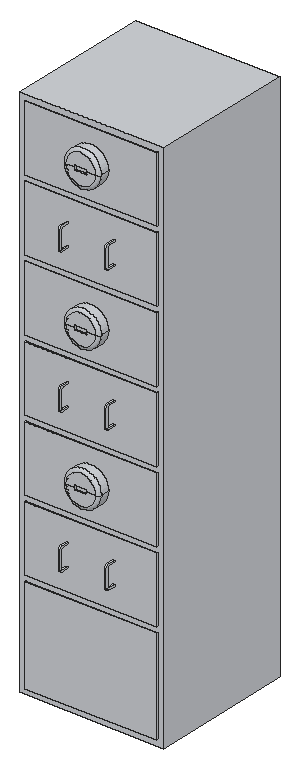
Revit family "M_Quadro elétrico de medição", category Equipamento elétrico, Revit 2019
Family settings
  Cota do conector redondo = Utilizar diâmetro
  Tipo de parte = Quadro elétrico
  Número OmniClass = 23.80.30.11.17
  Título OmniClass = Distribution Boards and Control Panels
  ID de item do Seek = Metering Switchboard-0000-CAN-ENU
  Com base no plano de trabalho = Não
  Sempre na vertical = Sim
  Corte com vazios quando carregada = Não
  Compartilhado = Não
  Ponto de cálculo do ambiente = Não
Parameters (values of type "610mmx667mm")
  Largura do quadro elétrico = 667 mm
  Voltagem do quadro elétrico = 480 V
  Material do quadro elétrico = none
  Comprimento do quadro elétrico = 610 mm
  Altura do quadro elétrico = 2286 mm
  Número de pólos = 3
  Visibilidade da medição = and(Contagem de medição > 1, Comprimento do quadro elétrico > 355.6 mm)  # no
  Material da medição = none
  Contagem de medição = if(not(Comprimento do quadro elétrico > 609.6 mm), 1, (Comprimento do quadro elétrico - 609.6 mm) / 304.8 mm + 1)  # 1
  Classificação MCB = 400.0 A
  Classificação de carga = Potência
  Visibilidade do puxador = Comprimento do quadro elétrico > 355.6 mm  # yes
  Comprimento de meio quadro elétrico = 0.5 * Comprimento do quadro elétrico  # 305 mm
  Meia distância de manipulação = if((Contagem de medição = 1), 98.425 mm, Meia distância + 98.425 mm)  # 98.425 mm
  Meia distância = (Contador - 1) * 127 mm  # 127 mm
  Contador = if(Contagem de medição > 1, Contagem de medição, 2)  # 2
  Visibilidade do medidor de centro = and((Contagem de medição = 1), (Comprimento do quadro elétrico > 355.6 mm))  # yes
Types (9, lengths in mm): name | Largura do quadro elétrico | Comprimento do quadro elétrico | Visibilidade da medição | Contagem de medição | Classificação MCB | Comprimento de meio quadro elétrico | Meia distância de manipulação | Meia distância | Contador | Visibilidade do medidor de centro
  (no name) | 667 | 610 | no | 1 | 400 (stored number, unit not read) | 305 | 98.425 | 127 | 2 | yes
  610mmx667mm | 667 | 610 | no | 1 | 400.0 A | 305 | 98.425 | 127 | 2 | yes
  762mmx667mm | 667 | 762 | yes | 2 | 400.0 A | 381 | 225.425 | 127 | 2 | no
  762mmx972mm | 972 | 762 | yes | 2 | 400.0 A | 381 | 225.425 | 127 | 2 | no
  914mmx667mm | 667 | 914 | yes | 2 | 600.0 A | 457 | 225.425 | 127 | 2 | no
  1067mmx667mm | 667 | 1067 | yes | 3 | 600.0 A | 533.5 | 352.425 | 254 | 3 | no
  1067mmx972mm | 972 | 1067 | yes | 3 | 600.0 A | 533.5 | 352.425 | 254 | 3 | no
  1219mmx667mm | 667 | 1219 | yes | 3 | 800.0 A | 609.5 | 352.425 | 254 | 3 | no
  1219mmx1276mm | 1276 | 1219 | yes | 3 | 800.0 A | 609.5 | 352.425 | 254 | 3 | no
Reference planes
  plane 1 "Centro (Frente/Trás)": y = 0
  plane 2: z = 0
  plane 3 "Centro (Esquerda/Direita)": x = 0
  plane 4: x = -305
  plane 5: x = 305
  plane 6: y = -667
  plane 7: y = -622.55
  plane 8: y = -616.2
  plane 9: z = 2286
  plane 10: z = 2260.6
  plane 11: z = 1981.2
  plane 12: z = 1955.8
  plane 13: z = 1676.4
  plane 14: z = 1651
  plane 15: z = 1371.6
  plane 16: z = 1346.2
  plane 17: z = 1066.8
  plane 18: z = 1041.4
  plane 19: z = 762
  plane 20: z = 736.6
  plane 21: z = 457.2
  plane 22: z = 25.4
  plane 23: z = 431.8
  plane 24: x = -279.6
  plane 25: x = 279.6
  plane 26: x = 98.425
  plane 27: x = -98.425
  plane 28: z = 1816.1
  plane 29: z = 1206.5
  plane 30: z = 596.9
  plane 31: z = 2120.9
  plane 32: z = 1511.3
  plane 33: z = 901.7
  plane 34: x = -127
  plane 35: x = 127
  plane 36: y = -308.1
Forms (mm)
  Extrusion 1, solid, material <- "Material do quadro elétrico"
    sketch origin (0, 0, 0) x (1, 0, 0) y (0, 1, 0)
      loop
        line (-305, 0) -> (-305, -616.2) -> (305, -616.2) -> (305, 0) -> (-305, 0)
    from 0 to 2286
  Extrusion 2, solid, material <- "Material do quadro elétrico"
    sketch origin (0, 0, 0) x (1, 0, 0) y (0, 0, 1)
      loop
        line (-279.6, 2260.6) -> (-279.6, 1981.2) -> (279.6, 1981.2) -> (279.6, 2260.6) -> (-279.6, 2260.6)
      loop
        line (-279.6, 1955.8) -> (-279.6, 1676.4) -> (279.6, 1676.4) -> (279.6, 1955.8) -> (-279.6, 1955.8)
      loop
        line (-279.6, 1651) -> (-279.6, 1371.6) -> (279.6, 1371.6) -> (279.6, 1651) -> (-279.6, 1651)
      loop
        line (-279.6, 1346.2) -> (-279.6, 1066.8) -> (279.6, 1066.8) -> (279.6, 1346.2) -> (-279.6, 1346.2)
      loop
        line (-279.6, 1041.4) -> (-279.6, 762) -> (279.6, 762) -> (279.6, 1041.4) -> (-279.6, 1041.4)
      loop
        line (-279.6, 736.6) -> (-279.6, 457.2) -> (279.6, 457.2) -> (279.6, 736.6) -> (-279.6, 736.6)
      loop
        line (-279.6, 431.8) -> (-279.6, 25.4) -> (279.6, 25.4) -> (279.6, 431.8) -> (-279.6, 431.8)
    from 616.2 to 622.55
Dimensions and locks
  "Comprimento de meio quadro elétrico": plane 4 to plane 3 "Centro (Esquerda/Direita)"
  "Comprimento de meio quadro elétrico": plane 3 "Centro (Esquerda/Direita)" to plane 5
  "Largura do quadro elétrico": plane 1 "Centro (Frente/Trás)" to plane 6
  locked: plane 7 to plane 6 at 44.45
  locked: plane 8 to plane 6 at 50.8
  "Altura do quadro elétrico": plane 9 to plane 2
  locked: plane 9 to plane 10 at 25.4
  locked: plane 10 to plane 11 at 279.4
  locked: plane 11 to plane 12 at 25.4
  locked: plane 12 to plane 13 at 279.4
  locked: plane 13 to plane 14 at 25.4
  locked: plane 14 to plane 15 at 279.4
  locked: plane 15 to plane 16 at 25.4
  locked: plane 16 to plane 17 at 279.4
  locked: plane 17 to plane 18 at 25.4
  locked: plane 18 to plane 19 at 279.4
  locked: plane 19 to plane 20 at 25.4
  locked: plane 20 to plane 21 at 279.4
  locked: plane 21 to plane 23 at 25.4
  locked: plane 22 to plane 2 at 25.4
  locked: plane 24 to plane 4 at 25.4
  locked: plane 25 to plane 5 at 25.4
  "Meia distância de manipulação": plane 3 "Centro (Esquerda/Direita)" to plane 27
  "Meia distância de manipulação": plane 26 to plane 3 "Centro (Esquerda/Direita)"
  equal spacing: plane 12, plane 28, plane 13
  equal spacing: plane 16, plane 29, plane 17
  equal spacing: plane 20, plane 30, plane 21
  equal spacing: plane 10, plane 31, plane 11
  equal spacing: plane 14, plane 32, plane 15
  equal spacing: plane 18, plane 33, plane 19
  "Meia distância": plane 3 "Centro (Esquerda/Direita)" to plane 34
  "Meia distância": plane 3 "Centro (Esquerda/Direita)" to plane 35
  equal spacing: plane 1 "Centro (Frente/Trás)", plane 36, plane 8
  group 1 to group 2 = 254 mm
  group 1 to group 2 = 0 mm  (x2)
  group 3 to group 4 = 254 mm
  group 3 to group 4 = 0 mm  (x2)
  group 5 to group 6 = 254 mm
  group 5 to group 6 = 0 mm  (x2)
  aligned and locked: plane 4 to Extrusion 1 sketch curve
  aligned and locked: plane 1 "Centro (Frente/Trás)" to Extrusion 1 sketch curve
  aligned and locked: plane 8 to Extrusion 1 sketch curve
  aligned and locked: Extrusion 1 sketch curve to plane 5
  aligned and locked: Extrusion 1 to plane 2
  aligned and locked: plane 9 to Extrusion 1
  aligned and locked: plane 24 to Extrusion 2 sketch curve  (x7)
  aligned and locked: Extrusion 2 sketch curve to plane 10
  aligned and locked: plane 11 to Extrusion 2 sketch curve
  aligned and locked: plane 25 to Extrusion 2 sketch curve  (x7)
  aligned and locked: Extrusion 2 sketch curve to plane 12
  aligned and locked: plane 13 to Extrusion 2 sketch curve
  aligned and locked: plane 15 to Extrusion 2 sketch curve
  aligned and locked: Extrusion 2 sketch curve to plane 14
  aligned and locked: Extrusion 2 sketch curve to plane 16
  aligned and locked: plane 17 to Extrusion 2 sketch curve
  aligned and locked: plane 19 to Extrusion 2 sketch curve
  aligned and locked: Extrusion 2 sketch curve to plane 18
  aligned and locked: Extrusion 2 sketch curve to plane 20
  aligned and locked: plane 21 to Extrusion 2 sketch curve
  aligned and locked: Extrusion 2 sketch curve to plane 23
  aligned and locked: plane 22 to Extrusion 2 sketch curve
  aligned and locked: Extrusion 2 to plane 7
  aligned and locked: plane 8 to Extrusion 2
  aligned and locked: plane 28 to nested 1
  aligned and locked: plane 27 to nested 1
  aligned and locked: nested 1 to plane 7
  aligned and locked: plane 28 to nested 2
  aligned and locked: plane 26 to nested 2
  aligned and locked: nested 2 to plane 7
  aligned and locked: plane 29 to nested 5
  aligned and locked: plane 27 to nested 5
  aligned and locked: plane 29 to nested 6
  aligned and locked: plane 26 to nested 6
  aligned and locked: plane 30 to nested 3
  aligned and locked: plane 27 to nested 3
  aligned and locked: plane 30 to nested 4
  aligned and locked: plane 26 to nested 4
  aligned and locked: nested 3 to plane 7
  aligned and locked: nested 4 to plane 7
  aligned and locked: nested 6 to plane 7
  aligned and locked: nested 5 to plane 7
  aligned and locked: plane 31 to nested 7
  aligned and locked: plane 34 to nested 7
  aligned and locked: nested 7 to plane 7
  aligned and locked: nested 8 to plane 7
  aligned and locked: nested 9 to plane 7
  aligned and locked: plane 32 to nested 9
  aligned and locked: plane 34 to nested 9
  aligned and locked: plane 33 to nested 8
  aligned and locked: plane 34 to nested 8
  aligned and locked: nested 12 to plane 7
  aligned and locked: nested 11 to plane 7
  aligned and locked: nested 10 to plane 7
  aligned and locked: plane 3 "Centro (Esquerda/Direita)" to nested 12
  aligned and locked: plane 31 to nested 12
  aligned and locked: plane 32 to nested 11
  aligned and locked: plane 3 "Centro (Esquerda/Direita)" to nested 11
  aligned and locked: plane 33 to nested 10
  aligned and locked: plane 3 "Centro (Esquerda/Direita)" to nested 10
  aligned and locked: plane 3 "Centro (Esquerda/Direita)" to nested 13
  aligned and locked: nested 13 to plane 36
  aligned and locked: nested 14 to plane 7
  aligned and locked: nested 14 to plane 35
  aligned and locked: plane 31 to nested 14
  aligned and locked: nested 15 to plane 35
  aligned and locked: plane 32 to nested 15
  aligned and locked: nested 15 to plane 7
  aligned and locked: nested 16 to plane 35
  aligned and locked: plane 33 to nested 16
  aligned and locked: nested 16 to plane 7
Nested families
  nested 1: "M_Controle B" at (-98.425, -622.55, 1816.1), visible <- "Visibilidade do puxador", type "Controle B", detail levels fine
  nested 2: "M_Controle B" at (98.425, -622.55, 1816.1), visible <- "Visibilidade do puxador", type "Controle B", detail levels fine
  nested 3: "M_Controle B" at (-98.425, -622.55, 596.9), visible <- "Visibilidade do puxador", type "Controle B", detail levels fine
  nested 4: "M_Controle B" at (98.425, -622.55, 596.9), visible <- "Visibilidade do puxador", type "Controle B", detail levels fine
  nested 5: "M_Controle B" at (-98.425, -622.55, 1206.5), visible <- "Visibilidade do puxador", type "Controle B", detail levels fine
  nested 6: "M_Controle B" at (98.425, -622.55, 1206.5), visible <- "Visibilidade do puxador", type "Controle B", detail levels fine
  nested 7: "M_Controle A" at (-127, -622.55, 2120.9), visible <- "Visibilidade da medição", type "Controle A", detail levels fine
  nested 8: "M_Controle A" at (-127, -622.55, 901.7), visible <- "Visibilidade da medição", type "Controle A", detail levels fine
  nested 9: "M_Controle A" at (-127, -622.55, 1511.3), visible <- "Visibilidade da medição", type "Controle A", detail levels fine
  nested 10: "M_Centro do controle A" at (0, -622.55, 901.7), visible <- "Visibilidade do medidor de centro", type "Controle A Centro", detail levels fine
  nested 11: "M_Centro do controle A" at (0, -622.55, 1511.3), visible <- "Visibilidade do medidor de centro", type "Controle A Centro", detail levels fine
  nested 12: "M_Centro do controle A" at (0, -622.55, 2120.9), visible <- "Visibilidade do medidor de centro", type "Controle A Centro", detail levels fine
  nested 13: "Símbolo do quadro elétrico" at (0, -308.1, 0), type "Símbolo do quadro elétrico", detail levels coarse+medium
  nested 14: "M_Controle A" at (127, -622.55, 2120.9), visible <- "Visibilidade da medição", type "Controle A", detail levels fine
  nested 15: "M_Controle A" at (127, -622.55, 1511.3), visible <- "Visibilidade da medição", type "Controle A", detail levels fine
  nested 16: "M_Controle A" at (127, -622.55, 901.7), visible <- "Visibilidade da medição", type "Controle A", detail levels fine
Connectors
  electrical at (0, -308.1, 2286), driven by "Número de pólos", driven by "Voltagem do quadro elétrico", driven by "Classificação de carga"
    settings: on Extrusion 1, index 1, voltage 480 V, apparent load 0 VA, apparent load phase1 0 VA, apparent load phase2 0 VA, apparent load phase3 0 VA, power factor 0.8, load classification "Potência", number of poles 3, system type 31, power factor state 1, is connector primary yes, connector utility no, sub classification motor no, connector description ""
  cabletrayconduit at (0, -308.1, 2286), diameter 600
    settings: on Extrusion 1, index 2, connector width 300 mm, connector height 300 mm, connector angle 0.00°, system type 32, placement type 1, profile type 0, connector reference index -1, is primary connector yes, connector utility param no, connector description ""
  cabletrayconduit at (-305, -308.1, 1143), diameter 600
    settings: on Extrusion 1, index 3, connector width 300 mm, connector height 300 mm, connector angle 0.00°, system type 32, placement type 1, profile type 0, connector reference index -1, is primary connector no, connector utility param no, connector description ""
  cabletrayconduit at (305, -308.1, 1143), diameter 600
    settings: on Extrusion 1, index 4, connector width 300 mm, connector height 300 mm, connector angle 0.00°, system type 32, placement type 1, profile type 0, connector reference index -1, is primary connector no, connector utility param no, connector description ""
  cabletrayconduit at (0, 0, 1143), diameter 600
    settings: on Extrusion 1, index 5, connector width 300 mm, connector height 300 mm, connector angle 0.00°, system type 32, placement type 1, profile type 0, connector reference index -1, is primary connector no, connector utility param no, connector description ""
  cabletrayconduit at (0, -308.1, 0), diameter 600
    settings: on Extrusion 1, index 6, connector width 300 mm, connector height 300 mm, connector angle 0.00°, system type 32, placement type 1, profile type 0, connector reference index -1, is primary connector no, connector utility param no, connector description ""
Definition of nested family "M_Controle B"
  Parameters
    Visibilidade da medição = yes
    Material da medição = none
    Assembly Code = ""
  Reference planes
    plane 1 "Centro (Frente/Trás)": y = 0
    plane 2: z = 0
    plane 3 "Centro (Esquerda/Direita)": x = 0
    plane 4: y = -28.575
    plane 5: z = 33.337
    plane 6: z = -33.338
    plane 7: z = 42.862
    plane 8: z = -42.863
    plane 9: z = 49.212
    plane 10: z = -49.213
    plane 11: y = -38.1
    plane 12: y = -44.45
    plane 13: x = 3.175
    plane 14: x = -3.175
  Forms (mm)
    Extrusion 1, solid, material <- "Material da medição", detail levels medium+fine
      sketch origin (0, 0, 0) x (0, 1, 0) y (0, 0, 1)
        loop
          line (0, 42.862) -> (0, 49.212) -> (-28.575, 49.212)
          arc (-28.575, 49.212) -> (-39.8, 44.563) -> (-44.45, 33.337) r 15.875
          line (-44.45, 33.337) -> (-44.45, -33.338)
          arc (-44.45, -33.338) -> (-39.8, -44.563) -> (-28.575, -49.213) r 15.875
          line (-28.575, -49.213) -> (0, -49.213) -> (0, -42.863) -> (-28.575, -42.863)
          arc (-28.575, -42.863) -> (-35.31, -40.073) -> (-38.1, -33.338) r 9.525
          line (-38.1, -33.338) -> (-38.1, 33.337)
          arc (-38.1, 33.337) -> (-35.31, 40.073) -> (-28.575, 42.862) r 9.525
          line (-28.575, 42.862) -> (0, 42.862)
      from -3.175 to 3.175
  Dimensions and locks
    locked: plane 1 "Centro (Frente/Trás)" to plane 4 at 28.575
    locked: plane 5 to plane 2 at 33.338
    locked: plane 6 to plane 2 at 33.338
    locked: plane 7 to plane 5 at 9.525
    locked: plane 6 to plane 8 at 9.525
    locked: plane 9 to plane 7 at 6.35
    locked: plane 8 to plane 10 at 6.35
    locked: plane 4 to plane 11 at 9.525
    locked: plane 11 to plane 12 at 6.35
    locked: plane 14 to plane 3 "Centro (Esquerda/Direita)" at 3.175
    locked: plane 3 "Centro (Esquerda/Direita)" to plane 13 at 3.175
    aligned and locked: plane 4 to Extrusion 1 sketch curve  (x10)
    aligned and locked: plane 5 to Extrusion 1 sketch curve  (x3)
    aligned and locked: Extrusion 1 sketch curve to plane 11
    aligned and locked: plane 6 to Extrusion 1 sketch curve  (x5)
    aligned and locked: Extrusion 1 sketch curve to plane 8
    aligned and locked: plane 1 "Centro (Frente/Trás)" to Extrusion 1 sketch curve  (x4)
    aligned and locked: Extrusion 1 sketch curve to plane 1 "Centro (Frente/Trás)"  (x2)
    aligned and locked: plane 9 to Extrusion 1 sketch curve
    aligned and locked: plane 7 to Extrusion 1 sketch curve
    aligned and locked: plane 8 to Extrusion 1 sketch curve
    aligned and locked: plane 10 to Extrusion 1 sketch curve
    aligned and locked: Extrusion 1 sketch curve to plane 9
    aligned and locked: Extrusion 1 sketch curve to plane 10
    aligned and locked: Extrusion 1 sketch curve to plane 12
    aligned and locked: Extrusion 1 to plane 14
    aligned and locked: plane 13 to Extrusion 1
Definition of nested family "M_Controle A"
  Parameters
    Visibilidade da medição = yes
    Material da medição = none
    Assembly Code = ""
  Reference planes
    plane 1 "Centro (Frente/Trás)": y = 0
    plane 2: z = 0
    plane 3 "Centro (Esquerda/Direita)": x = 0
    plane 4: y = -38.1
    plane 5: y = -50.8
    plane 6: x = 76.2
    plane 7: x = -76.2
    plane 8: x = 63.5
    plane 9: y = -44.45
    plane 10: x = -25.4
    plane 11: x = 25.4
    plane 12: z = -9.525
    plane 13: z = 9.525
  Forms (mm)
    Revolve 1, solid, material <- "Material da medição", detail levels medium+fine
      sketch origin (0, 0, 0) x (1, 0, 0) y (0, 1, 0)
        loop
          line (0, 0) -> (0, -50.8) -> (63.5, -50.8)
          arc (63.5, -50.8) -> (72.48, -47.08) -> (76.2, -38.1) r 12.7
          line (76.2, -38.1) -> (76.2, 0) -> (0, 0)
        axis (0, 0) -> (0, -50.8)
      angle from 0 to 360
    Extrusion 2, void
      sketch origin (0, 0, 0) x (1, 0, 0) y (0, 0, 1)
        loop
          line (-25.4, 9.525) -> (-25.4, -9.525) -> (25.4, -9.525) -> (25.4, 9.525) -> (-25.4, 9.525)
      from 44.45 to 50.8
  Cuts and joins
    Extrusion 2 cuts Revolve 1
  Dimensions and locks
    locked: plane 1 "Centro (Frente/Trás)" to plane 4 at 38.1
    locked: plane 4 to plane 5 at 12.7
    locked: plane 3 "Centro (Esquerda/Direita)" to plane 6 at 76.2
    locked: plane 7 to plane 3 "Centro (Esquerda/Direita)" at 76.2
    locked: plane 8 to plane 6 at 12.7
    locked: plane 9 to plane 5 at 6.35
    locked: plane 3 "Centro (Esquerda/Direita)" to plane 10 at 25.4
    locked: plane 11 to plane 3 "Centro (Esquerda/Direita)" at 25.4
    locked: plane 13 to plane 2 at 9.525
    locked: plane 2 to plane 12 at 9.525
    radius of Revolve 1 sketch curve = 12.7 mm
    aligned and locked: plane 8 to Revolve 1 sketch curve
    aligned and locked: plane 4 to Revolve 1 sketch curve
    aligned and locked: Revolve 1 sketch curve to plane 6
    aligned and locked: plane 1 "Centro (Frente/Trás)" to Revolve 1 sketch curve  (x3)
    aligned and locked: plane 3 "Centro (Esquerda/Direita)" to Revolve 1 sketch curve  (x3)
    aligned and locked: plane 5 to Revolve 1 sketch curve  (x2)
    aligned and locked: plane 6 to Revolve 1 sketch curve  (x2)
    aligned and locked: Revolve 1 sketch curve to plane 3 "Centro (Esquerda/Direita)"
    aligned and locked: plane 10 to Extrusion 2 sketch curve
    aligned and locked: Extrusion 2 sketch curve to plane 13
    aligned and locked: plane 12 to Extrusion 2 sketch curve
    aligned and locked: Extrusion 2 sketch curve to plane 11
    aligned and locked: plane 9 to Extrusion 2
    aligned and locked: Extrusion 2 to plane 5
Definition of nested family "M_Centro do controle A"
  Parameters
    Visibilidade da medição = no
    Material da medição = none
    Assembly Code = ""
  Reference planes
    plane 1 "Centro (Frente/Trás)": y = 0
    plane 2: z = 0
    plane 3 "Centro (Esquerda/Direita)": x = 0
    plane 4: y = -38.1
    plane 5: y = -50.8
    plane 6: x = 76.2
    plane 7: x = -76.2
    plane 8: x = 63.5
    plane 9: y = -44.45
    plane 10: x = -25.4
    plane 11: x = 25.4
    plane 12: z = -9.525
    plane 13: z = 9.525
  Forms (mm)
    Revolve 1, solid, material <- "Material da medição", detail levels medium+fine
      sketch origin (0, 0, 0) x (1, 0, 0) y (0, 1, 0)
        loop
          line (0, 0) -> (0, -50.8) -> (63.5, -50.8)
          arc (63.5, -50.8) -> (72.48, -47.08) -> (76.2, -38.1) r 12.7
          line (76.2, -38.1) -> (76.2, 0) -> (0, 0)
        axis (0, 0) -> (0, -50.8)
      angle from 0 to 360
    Extrusion 2, void
      sketch origin (0, 0, 0) x (1, 0, 0) y (0, 0, 1)
        loop
          line (-25.4, 9.525) -> (-25.4, -9.525) -> (25.4, -9.525) -> (25.4, 9.525) -> (-25.4, 9.525)
      from 44.45 to 50.8
  Cuts and joins
    Extrusion 2 cuts Revolve 1
  Dimensions and locks
    locked: plane 1 "Centro (Frente/Trás)" to plane 4 at 38.1
    locked: plane 4 to plane 5 at 12.7
    locked: plane 3 "Centro (Esquerda/Direita)" to plane 6 at 76.2
    locked: plane 7 to plane 3 "Centro (Esquerda/Direita)" at 76.2
    locked: plane 8 to plane 6 at 12.7
    locked: plane 9 to plane 5 at 6.35
    locked: plane 3 "Centro (Esquerda/Direita)" to plane 10 at 25.4
    locked: plane 11 to plane 3 "Centro (Esquerda/Direita)" at 25.4
    locked: plane 13 to plane 2 at 9.525
    locked: plane 2 to plane 12 at 9.525
    radius of Revolve 1 sketch curve = 12.7 mm
    aligned and locked: plane 8 to Revolve 1 sketch curve
    aligned and locked: plane 4 to Revolve 1 sketch curve
    aligned and locked: Revolve 1 sketch curve to plane 6
    aligned and locked: plane 1 "Centro (Frente/Trás)" to Revolve 1 sketch curve  (x3)
    aligned and locked: plane 3 "Centro (Esquerda/Direita)" to Revolve 1 sketch curve  (x3)
    aligned and locked: plane 5 to Revolve 1 sketch curve  (x2)
    aligned and locked: plane 6 to Revolve 1 sketch curve  (x2)
    aligned and locked: Revolve 1 sketch curve to plane 3 "Centro (Esquerda/Direita)"
    aligned and locked: plane 10 to Extrusion 2 sketch curve
    aligned and locked: Extrusion 2 sketch curve to plane 13
    aligned and locked: plane 12 to Extrusion 2 sketch curve
    aligned and locked: Extrusion 2 sketch curve to plane 11
    aligned and locked: plane 9 to Extrusion 2
    aligned and locked: Extrusion 2 to plane 5
Definition of nested family "Símbolo do quadro elétrico"
  Reference planes
    plane 1: y = 0
    plane 2: x = 0
  Text (mm)
    text "SB" at (-2.206, 1.923, 0)
